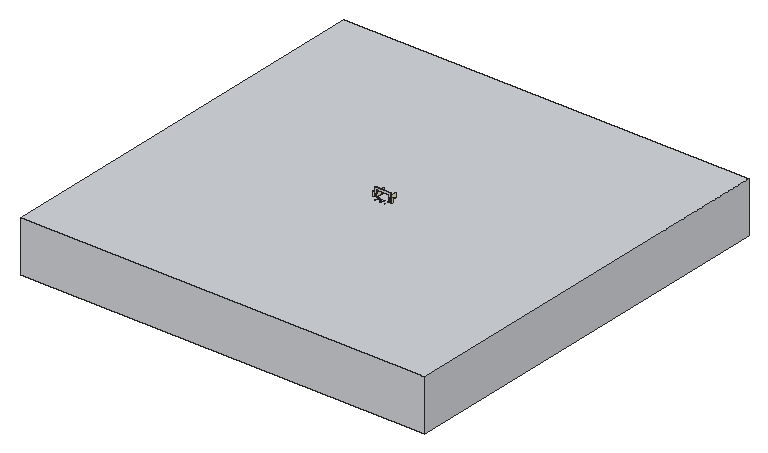
Revit family "Specialty_Equipment-Metal_Raceway-Hubbell_Wiring-Panel_Connector-HBL3086", category Specialty Equipment, host Face, Revit 2015
Parameters (values of type "HBL3086IV")
  URL = "http://www.hubbell-wiring.com/"
  Product data url = "https://bimobject.com/hubbellwiring/product/hubbell-metal-raceway-hbl3000"
  Product Page URL = "http://ecatalog.hubbell-wiring.com/ProductInformation/ViewCatalog.aspx?Dest=hubbell-wiring.com/press/catalog/r.pdf"
  Product Documentation Link = "http://www.hubbellcatalog.com/hubbellpremise/datasheets/MRaceway18-25.pdf"
  Model = "HBL3086IV"
  Manufacturer = "Hubbell Wiring Device Kellems"  # constant formula
  Description = "Panel Connector"  # constant formula
  Default Elevation = 48.000"
  Cable Tray Material = Metal-Hubbell-Ivory
  B = 1.190"
  A = 4.600"
Types (3): name | Model | Cable Tray Material
  (no name) | "HBL3086IV" | Metal-Hubbell-Ivory
  HBL3086IV | "HBL3086IV" | Metal-Hubbell-Ivory
  HBL3086GY | "HBL3086GY" | Metal-Hubbell-Gray
Reference planes (in)
  plane 1 "Center (Front/Back)": y = 0
  plane 2: z = 0.14037
  plane 3 "Center (Left/Right)": x = 0
  plane 4: x = -2.3
  plane 5: x = 2.3
  plane 6: z = 1.19
  plane 7: y = 1.5
  plane 8: y = -1.5
  plane 9: y = -0.46
  plane 10: x = -1.375
  plane 11: x = 1.375
  plane 12: y = -0.41
  plane 13: x = -1.65
  plane 14: x = 1.65
  plane 15: z = 0.64037
  plane 16: z = 0.09037
Forms (in)
  Extrusion 1, solid
    sketch origin (0, 0, 0) x (1, 0, 0) y (0, 1, 0)
      loop
        line (-48, 48) -> (-48, -48) -> (48, -48) -> (48, 48) -> (-48, 48)
    from 0.14037 to -12
  Extrusion 2, solid, material "Metal-Hubbell-Ivory" <- "Cable Tray Material"
    sketch origin (0, 0, 0) x (1, 0, 0) y (0, 0, 1)
      loop
        line (-1.37463, 1.19) -> (-1.425, 1.19) -> (-1.415, 0.25232) -> (-1.415, 0.10093)
        arc (-1.415, 0.10093) -> (-1.38544, 0.02956) -> (-1.31407, 0) r 0.10093
        line (-1.31407, 0) -> (-1.2573, 0) -> (-0.27955, 0) -> (-0.02723, 0) -> (1.31407, 0)
        arc (1.31407, 0) -> (1.38544, 0.02956) -> (1.415, 0.10093) r 0.10093
        line (1.415, 0.10093) -> (1.415, 0.25232) -> (1.425, 1.19) -> (1.37463, 1.19) -> (1.37463, 0.10093)
        arc (1.37463, 0.10093) -> (1.35689, 0.05811) -> (1.31407, 0.04037) r 0.06056
        line (1.31407, 0.04037) -> (1.2573, 0.04037) -> (1.15446, 0.04037) -> (0.90214, 0.04037) -> (-1.31407, 0.04037)
        arc (-1.31407, 0.04037) -> (-1.35689, 0.05811) -> (-1.37463, 0.10093) r 0.06056
        line (-1.37463, 0.10093) -> (-1.37463, 0.25234) -> (-1.37463, 1.19)
    from 0.46 to -1.5
  Extrusion 3, solid, material "Metal-Hubbell-Ivory" <- "Cable Tray Material"
    sketch origin (0, 0, 0) x (1, 0, 0) y (0, 0, 1)
      loop
        line (-2.3, 1.19) -> (-2.3, 0.10093) -> (-1.37463, 0.10093) -> (-1.37463, 1.19) -> (-2.3, 1.19)
      loop
        line (1.37463, 1.19) -> (1.37463, 0.10093) -> (2.26443, 0.10093) -> (2.26443, 1.19) -> (1.37463, 1.19)
    from 0.46 to 0.41
  Extrusion 4, solid, material "Metal-Hubbell-Ivory" <- "Cable Tray Material"
    sketch origin (0, 0, 0) x (1, 0, 0) y (0, 1, 0)
      loop
        line (-1.26407, -1.5) -> (-0.14391, -1.5) -> (-0.14391, -0.85834)
        arc (-0.14391, -0.85834) -> (0, -0.71443) -> (0.14391, -0.85834) r 0.14391
        line (0.14391, -0.85834) -> (0.14391, -1.5) -> (1.27747, -1.5) -> (1.27747, -0.46) -> (-1.26407, -0.46) -> (-1.26407, -1.5)
      loop
        circle (-0.61953, -0.85834) r 0.1
      loop
        circle (0.66953, -0.85834) r 0.1
    from 0.04037 to 0.09037
  Extrusion 5, solid, material "Metal-Hubbell-Ivory" <- "Cable Tray Material"
    sketch origin (0, 0, 0) x (0, 1, 0) y (0, 0, 1)
      loop
        line (-0.46, 0.00864) -> (-0.37827, 0.00864) -> (-0.46, 0.09037) -> (-0.46, 0.00864)
    from -1.26407 to 1.27747
Cuts and joins
  joined: Extrusion 2, Extrusion 3, Extrusion 4, Extrusion 5
Lines and regions (in)
  reference lines
    curve 1: line (-1.425, 0, 1.19) -> (-1.415, 0, 0.25232)
    curve 2: line (-1.415, 0, 0.25232) -> (-1.415, 0, 0.10093)
    curve 3: arc (-1.415, 0, 0.10093) -> (-1.38544, 0, 0.02956) -> (-1.31407, 0, 0) r 0.10093
    curve 4: line (-1.31407, 0, 0) -> (-1.15376, 0, 0)
    curve 5: line (-1.15376, 0, 0) -> (-0.90144, 0, 0)
    curve 6: line (-0.90144, 0, 0) -> (1.31407, 0, 0)
    curve 7: arc (1.31407, 0, 0) -> (1.38544, 0, 0.02956) -> (1.415, 0, 0.10093) r 0.10093
    curve 8: line (1.415, 0, 0.10093) -> (1.415, 0, 0.25232)
    curve 9: line (1.415, 0, 0.25232) -> (1.425, 0, 1.19)
    curve 10: line (-1.37463, 0, 1.19) -> (-1.37463, 0, 0.25234)
    curve 11: line (-1.37463, 0, 0.25234) -> (-1.37463, 0, 0.10093)
    curve 12: arc (-1.37463, 0, 0.10093) -> (-1.35689, 0, 0.05811) -> (-1.31407, 0, 0.04037) r 0.06056
    curve 13: line (-1.31407, 0, 0.04037) -> (1.31407, 0, 0.04037)
    curve 14: arc (1.31407, 0, 0.04037) -> (1.35689, 0, 0.05811) -> (1.37463, 0, 0.10093) r 0.06056
    curve 15: line (1.37463, 0, 0.10093) -> (1.37463, 0, 1.19)
    curve 16: line (-1.425, 0, 1.19) -> (-1.37463, 0, 1.19)
    curve 17: line (1.425, 0, 1.19) -> (1.37463, 0, 1.19)
    curve 18: line (-0.14391, -0.85834, 0) -> (-0.14391, -1.5, 0)
    curve 19: arc (0.14391, -0.85834, 0) -> (0, -0.71443, 0) -> (-0.14391, -0.85834, 0) r 0.14391
    curve 20: line (0.14391, -0.85834, 0) -> (0.14391, -1.5, 0)
    curve 21: line (-1.26407, -1.5, 0) -> (-1.26407, -0.46, 0)
    curve 22: line (-0.14391, -1.5, 0) -> (-1.26407, -1.5, 0)
    curve 23: line (0.14391, -1.5, 0) -> (1.27747, -1.5, 0)
    curve 24: line (1.27747, -0.41, 0) -> (1.27747, -1.5, 0)
    curve 25: arc (0.76953, -0.85834, 0) -> (0.66953, -0.95834, 0) -> (0.56953, -0.85834, 0) r 0.1
    curve 26: arc (0.56953, -0.85834, 0) -> (0.66953, -0.75834, 0) -> (0.76953, -0.85834, 0) r 0.1
    curve 27: arc (-0.51953, -0.85834, 0) -> (-0.61953, -0.95834, 0) -> (-0.71953, -0.85834, 0) r 0.1
    curve 28: arc (-0.71953, -0.85834, 0) -> (-0.61953, -0.75834, 0) -> (-0.51953, -0.85834, 0) r 0.1
  symbolic lines
    curve 29: line (-1.415, 1.5, 0) -> (-1.415, -0.41, 0)
    curve 30: line (1.425, 1.5, 0) -> (-1.415, 1.5, 0)
    curve 31: line (1.425, 1.5, 0) -> (1.425, -0.41, 0)
    curve 32: line (2.26443, -0.41, 0) -> (-2.3, -0.41, 0)
    curve 33: line (-2.3, -0.46, 0) -> (2.26443, -0.46, 0)
    curve 34: line (-1.26407, -0.41, 0) -> (-1.26407, -1.5, 0)
    curve 35: line (-1.26407, -1.5, 0) -> (-0.14391, -1.5, 0)
    curve 36: line (-0.14391, -1.5, 0) -> (-0.14391, -0.85834, 0)
    curve 37: arc (-0.14391, -0.85834, 0) -> (0, -0.71443, 0) -> (0.14391, -0.85834, 0) r 0.14391
    curve 38: line (0.14391, -0.85834, 0) -> (0.14391, -1.5, 0)
    curve 39: line (0.14391, -1.5, 0) -> (1.27747, -1.5, 0)
    curve 40: line (1.27747, -1.5, 0) -> (1.27747, -0.41, 0)
    curve 41: arc (0.76953, -0.85834, 0) -> (0.66953, -0.95834, 0) -> (0.56953, -0.85834, 0) r 0.1
    curve 42: arc (0.56953, -0.85834, 0) -> (0.66953, -0.75834, 0) -> (0.76953, -0.85834, 0) r 0.1
    curve 43: arc (-0.71953, -0.85834, 0) -> (-0.61953, -0.75834, 0) -> (-0.51953, -0.85834, 0) r 0.1
    curve 44: arc (-0.51953, -0.85834, 0) -> (-0.61953, -0.95834, 0) -> (-0.71953, -0.85834, 0) r 0.1
    curve 45: line (-2.3, 0, 1.19) -> (-2.3, 0, 0.10093)
    curve 46: line (-1.37463, 0, 1.19) -> (-2.3, 0, 1.19)
    curve 47: line (-1.37463, 0, 0.25234) -> (-1.37463, 0, 1.19)
    curve 48: line (-1.37463, 0, 0.10093) -> (-1.37463, 0, 0.25234)
    curve 49: arc (-1.31407, 0, 0.04037) -> (-1.35689, 0, 0.05811) -> (-1.37463, 0, 0.10093) r 0.06056
    curve 50: line (1.27747, 0, 0.04037) -> (-1.31407, 0, 0.04037)
    curve 51: line (-1.26407, 0, 0.09037) -> (-1.26407, 0, 0.04037)
    curve 52: line (1.27747, 0, 0.09037) -> (-1.26407, 0, 0.09037)
    curve 53: line (1.27747, 0, 0.04037) -> (1.27747, 0, 0.09037)
    curve 54: line (1.37463, 0, 1.19) -> (1.37463, 0, 0.10093)
    curve 55: arc (1.37463, 0, 0.10093) -> (1.35689, 0, 0.05811) -> (1.31407, 0, 0.04037) r 0.06056
    curve 56: arc (1.31407, 0, 0) -> (1.38544, 0, 0.02956) -> (1.415, 0, 0.10093) r 0.10093
    curve 57: line (-1.2573, 0, 0) -> (1.31407, 0, 0)
    curve 58: arc (-1.415, 0, 0.10093) -> (-1.38544, 0, 0.02956) -> (-1.31407, 0, 0) r 0.10093
    curve 59: line (-1.31407, 0, 0) -> (-1.2573, 0, 0)
    curve 60: line (-2.3, 0, 0.10093) -> (-1.415, 0, 0.10093)
    curve 61: line (2.26443, 0, 1.19) -> (1.37463, 0, 1.19)
    curve 62: line (2.26443, 0, 0.10093) -> (2.26443, 0, 1.19)
    curve 63: line (1.415, 0, 0.10093) -> (2.26443, 0, 0.10093)
    curve 64: arc (1.31407, 0, 0) -> (1.38544, 0, 0.02956) -> (1.415, 0, 0.10093) r 0.10093
    curve 65: line (1.31407, 0, 0.04037) -> (1.2573, 0, 0.04037)
    curve 66: line (0, 1.5, 1.19) -> (0, -0.46, 1.19)
    curve 67: line (0, -0.46, 1.19) -> (0, -0.46, 0)
    curve 68: line (0, -0.46, 0.09037) -> (0, -1.5, 0.09037)
    curve 69: line (0, -1.5, 0.09037) -> (0, -1.5, 0.04037)
    curve 70: line (0, -1.5, 0.04037) -> (0, -0.46, 0.04037)
    curve 71: line (0, -0.46, 0) -> (0, -0.41, 0)
    curve 72: line (0, -0.41, 0) -> (0, -0.41, 1.19)
    curve 73: line (0, 1.5, 0.25232) -> (0, -0.41, 0.25232)
    curve 74: line (0, 1.5, 0) -> (0, 1.5, 1.19)
    curve 75: line (0, 1.5, 0) -> (0, -0.41, 0)
Dimensions and locks (in)
  plane 8 to plane 9 = 1.040"
  equal spacing: plane 4, plane 3 "Center (Left/Right)", plane 5
  equal spacing: plane 10, plane 3 "Center (Left/Right)", plane 11
  locked: plane 12 to plane 9 at 0.05
  equal spacing: plane 13, plane 3 "Center (Left/Right)", plane 14
  locked: plane 15 to Extrusion 1 at 0.5
  locked: Extrusion 1 to plane 16 at 0.05
  "A": plane 4 to plane 5
  "B": plane 6 to curve 57
  aligned and locked: plane 2 to Extrusion 1
  aligned and locked: Extrusion 2 sketch curve to curve 10
  aligned and locked: Extrusion 2 sketch curve to curve 11
  aligned and locked: Extrusion 2 sketch curve to curve 12
  aligned and locked: Extrusion 2 sketch curve to curve 14
  aligned and locked: Extrusion 2 sketch curve to curve 17
  aligned and locked: Extrusion 2 sketch curve to curve 9
  aligned and locked: Extrusion 2 sketch curve to curve 8
  aligned and locked: Extrusion 2 sketch curve to curve 7
  aligned and locked: Extrusion 2 sketch curve to curve 6
  aligned and locked: Extrusion 2 sketch curve to curve 5
  aligned and locked: Extrusion 2 sketch curve to curve 4
  aligned and locked: Extrusion 2 sketch curve to curve 3
  aligned and locked: Extrusion 2 sketch curve to curve 1
  aligned and locked: Extrusion 2 sketch curve to curve 16
  aligned and locked: plane 7 to Extrusion 2
  aligned and locked: Extrusion 3 sketch curve to plane 4
  aligned and locked: Extrusion 3 sketch curve to curve 17
  aligned and locked: Extrusion 3 sketch curve to Extrusion 3 sketch curve
  aligned and locked: plane 9 to Extrusion 3
  aligned and locked: plane 12 to Extrusion 3
  aligned and locked: Extrusion 3 sketch curve to curve 15
  aligned and locked: Extrusion 3 sketch curve to curve 10
  aligned and locked: plane 13 to nested 1
  aligned and locked: plane 15 to nested 1
  aligned and locked: Extrusion 2 to plane 9
  aligned and locked: Extrusion 4 sketch curve to curve 21
  aligned and locked: Extrusion 4 sketch curve to curve 22
  aligned and locked: Extrusion 4 sketch curve to curve 19
  aligned and locked: Extrusion 4 sketch curve to curve 23
  aligned and locked: curve 24 to Extrusion 4 sketch curve
  aligned and locked: Extrusion 4 sketch curve to curve 27
  aligned and locked: Extrusion 4 sketch curve to curve 28
  aligned and locked: Extrusion 4 sketch curve to curve 25
  aligned and locked: Extrusion 4 sketch curve to curve 26
  aligned and locked: curve 13 to Extrusion 4
  aligned and locked: plane 16 to Extrusion 4
  aligned and locked: plane 9 to Extrusion 5 sketch curve
  aligned and locked: Extrusion 5 to curve 23
  aligned and locked: curve 21 to Extrusion 5
  aligned and locked: curve 29 to cut or joined group of Extrusion 2, Extrusion 3, Extrusion 4, Extrusion 5
  aligned and locked: curve 30 to cut or joined group of Extrusion 2, Extrusion 3, Extrusion 4, Extrusion 5
  aligned and locked: curve 31 to cut or joined group of Extrusion 2, Extrusion 3, Extrusion 4, Extrusion 5
  aligned and locked: curve 32 to cut or joined group of Extrusion 2, Extrusion 3, Extrusion 4, Extrusion 5
  aligned and locked: curve 33 to cut or joined group of Extrusion 2, Extrusion 3, Extrusion 4, Extrusion 5
  aligned and locked: curve 34 to cut or joined group of Extrusion 2, Extrusion 3, Extrusion 4, Extrusion 5
  aligned and locked: curve 35 to cut or joined group of Extrusion 2, Extrusion 3, Extrusion 4, Extrusion 5
  aligned and locked: curve 36 to cut or joined group of Extrusion 2, Extrusion 3, Extrusion 4, Extrusion 5
  aligned and locked: curve 37 to cut or joined group of Extrusion 2, Extrusion 3, Extrusion 4, Extrusion 5
  aligned and locked: curve 39 to cut or joined group of Extrusion 2, Extrusion 3, Extrusion 4, Extrusion 5
  aligned and locked: curve 40 to cut or joined group of Extrusion 2, Extrusion 3, Extrusion 4, Extrusion 5
  aligned and locked: curve 41 to cut or joined group of Extrusion 2, Extrusion 3, Extrusion 4, Extrusion 5
  aligned and locked: curve 42 to cut or joined group of Extrusion 2, Extrusion 3, Extrusion 4, Extrusion 5
  aligned and locked: curve 43 to cut or joined group of Extrusion 2, Extrusion 3, Extrusion 4, Extrusion 5
  aligned and locked: curve 44 to cut or joined group of Extrusion 2, Extrusion 3, Extrusion 4, Extrusion 5
  aligned and locked: curve 45 to cut or joined group of Extrusion 2, Extrusion 3, Extrusion 4, Extrusion 5
  aligned and locked: curve 46 to cut or joined group of Extrusion 2, Extrusion 3, Extrusion 4, Extrusion 5
  aligned and locked: curve 47 to cut or joined group of Extrusion 2, Extrusion 3, Extrusion 4, Extrusion 5
  aligned and locked: curve 49 to cut or joined group of Extrusion 2, Extrusion 3, Extrusion 4, Extrusion 5
  aligned and locked: curve 50 to cut or joined group of Extrusion 2, Extrusion 3, Extrusion 4, Extrusion 5
  aligned and locked: curve 51 to cut or joined group of Extrusion 2, Extrusion 3, Extrusion 4, Extrusion 5
  aligned and locked: curve 52 to cut or joined group of Extrusion 2, Extrusion 3, Extrusion 4, Extrusion 5
  aligned and locked: curve 53 to cut or joined group of Extrusion 2, Extrusion 3, Extrusion 4, Extrusion 5
  aligned and locked: curve 54 to cut or joined group of Extrusion 2, Extrusion 3, Extrusion 4, Extrusion 5
  aligned and locked: curve 55 to cut or joined group of Extrusion 2, Extrusion 3, Extrusion 4, Extrusion 5
  aligned and locked: curve 56 to cut or joined group of Extrusion 2, Extrusion 3, Extrusion 4, Extrusion 5
  aligned and locked: curve 58 to cut or joined group of Extrusion 2, Extrusion 3, Extrusion 4, Extrusion 5
  aligned and locked: curve 60 to cut or joined group of Extrusion 2, Extrusion 3, Extrusion 4, Extrusion 5
  aligned and locked: curve 61 to cut or joined group of Extrusion 2, Extrusion 3, Extrusion 4, Extrusion 5
  aligned and locked: curve 62 to cut or joined group of Extrusion 2, Extrusion 3, Extrusion 4, Extrusion 5
  aligned and locked: curve 63 to cut or joined group of Extrusion 2, Extrusion 3, Extrusion 4, Extrusion 5
  aligned and locked: curve 66 to cut or joined group of Extrusion 2, Extrusion 3, Extrusion 4, Extrusion 5
  aligned and locked: curve 67 to cut or joined group of Extrusion 2, Extrusion 3, Extrusion 4, Extrusion 5
  aligned and locked: curve 68 to cut or joined group of Extrusion 2, Extrusion 3, Extrusion 4, Extrusion 5
  aligned and locked: curve 69 to cut or joined group of Extrusion 2, Extrusion 3, Extrusion 4, Extrusion 5
  aligned and locked: curve 70 to cut or joined group of Extrusion 2, Extrusion 3, Extrusion 4, Extrusion 5
  aligned and locked: curve 72 to cut or joined group of Extrusion 2, Extrusion 3, Extrusion 4, Extrusion 5
  aligned and locked: curve 73 to cut or joined group of Extrusion 2, Extrusion 3, Extrusion 4, Extrusion 5
  aligned and locked: curve 74 to cut or joined group of Extrusion 2, Extrusion 3, Extrusion 4, Extrusion 5
  aligned and locked: curve 71 to level
Automatic sketch dimensions
  Extrusion 1 sketch curve to Extrusion 1 sketch curve = 96.000"  (x2)
  curve 3 to curve 12 = 0.000"  (x2)
  curve 7 to curve 14 = 0.000"  (x2)
  curve 16 to plane 6 = 0.000"
  curve 3 to level = 0.000"
  curve 15 to plane 6 = 0.000"
  curve 16 to plane 4 = 0.875"
  curve 1 to curve 16 = 0.05037"
  curve 12 to curve 13 = 0.06056"
  curve 4 to curve 6 = 0.25232"
  plane 5 to curve 9 = 0.875"
  curve 3 to curve 2 = 0.15139"
  curve 7 to curve 8 = 0.15139"
  curve 2 to curve 10 = 0.00002"
  Extrusion 2 sketch curve to Extrusion 2 sketch curve = 0.000"
  Extrusion 2 sketch curve to Extrusion 2 sketch curve = 0.05677"  (x2)
  Extrusion 2 sketch curve to Extrusion 2 sketch curve = 0.97774"
  Extrusion 2 sketch curve to Extrusion 2 sketch curve = 0.25232"  (x2)
  plane 3 "Center (Left/Right)" to Extrusion 2 sketch curve = 0.90214"
  Extrusion 2 sketch curve to Extrusion 2 sketch curve = 0.00002"
  curve 3 to curve 4 = 0.16031"
  plane 11 to curve 7 = 0.06093"
  curve 9 to plane 11 = 0.040"
  curve 15 to curve 9 = 0.05037"
  Extrusion 3 sketch curve to plane 6 = 0.000"
  plane 5 to Extrusion 3 sketch curve = 0.03557"
  level to Extrusion 3 sketch curve = 0.10093"
  curve 22 to plane 8 = 0.000"
  curve 21 to plane 9 = 0.000"
  curve 19 to plane 3 "Center (Left/Right)" = 0.000"
  curve 23 to plane 8 = 0.000"
  plane 9 to curve 24 = 0.050"
  curve 18 to plane 3 "Center (Left/Right)" = 0.14391"
  curve 28 to curve 19 = 0.37563"
  curve 27 to curve 27 = 0.100"
  curve 21 to plane 10 = 0.11093"
  curve 19 to curve 25 = 0.42563"
  curve 25 to curve 26 = 0.100"
  plane 11 to curve 24 = 0.09753"
  curve 20 to plane 9 = 0.39834"
  curve 28 to curve 19 = 0.000"
  curve 25 to plane 9 = 0.39834"
  Extrusion 5 sketch curve to plane 16 = 0.000"
  level to Extrusion 5 sketch curve = 0.00864"
  plane 12 to Extrusion 5 sketch curve = 0.03173"
  Extrusion 4 sketch curve to plane 9 = 0.000"
  curve 32 to plane 4 = 0.000"
  plane 5 to curve 32 = 0.03557"
  curve 33 to plane 4 = 0.000"
  plane 5 to curve 33 = 0.03557"
  curve 51 to curve 57 = 0.00677"
  plane 2 to curve 47 = 0.11197"
  curve 65 to curve 50 = 0.02017"
Nested families (in)
  nested 1: "HBL3086" at (0, -0.46, 0.14037) x (1, 0, 0) z (0, -1, 0), type "HBL3086"
Definition of nested family "HBL3086"
  Parameters
    Default Elevation = 48.000"
    Cable Tray Material = none
  Reference planes (in)
    plane 1 "Center (Front/Back)": y = 0
    plane 2: z = 0
    plane 3 "Center (Left/Right)": x = 0
    plane 4: z = 0.05
    plane 5: x = -1.88
    plane 6: x = -1.65
    plane 7: x = 1.24261
    plane 8: x = 1.88
    plane 9: y = 0.5
    plane 10: x = 1.65
    plane 11: y = 1.94
  Forms (in)
    Extrusion 1, solid
      sketch origin (0, 0, 0) x (1, 0, 0) y (0, 1, 0)
        loop
          line (-48, 48) -> (-48, -48) -> (48, -48) -> (48, 48) -> (-48, 48)
      from 0 to -12
    Extrusion 2, solid, material <- "Cable Tray Material"
      sketch origin (0, 0, 0) x (1, 0, 0) y (0, 1, 0)
        loop
          line (-1.88, 0) -> (-1.375, 0) -> (-1.375, 1.508) -> (1.375, 1.508) -> (1.375, 0) -> (1.88, 0) -> (1.88, 1.94) -> (-1.88, 1.94) -> (-1.88, 0)
        loop
          circle (-1.65, 0.5) r 0.15
        loop
          circle (1.65, 0.5) r 0.15
      from 0 to 0.05
    Sweep 3, solid, material <- "Cable Tray Material"
      path in 3D
        loop
          arc (0, 1.508, 0) -> (0, 1.57533, -0.14902) -> (0, 1.72706, -0.21) r 0.21926
          line (0, 1.72706, -0.21) -> (0, 1.80302, -0.21)
      profile origin (0, 1.76504, -0.21) x (0, 0, 1) y (1, 0, 0)
        loop
          line (0, -1.375) -> (0.05, -1.375) -> (0.05, 1.375) -> (0, 1.375) -> (0, -1.375)
  Lines and regions (in)
    reference lines
      curve 1: line (-1.88, 0, 0) -> (-1.88, 1.94, 0)
      curve 2: line (-1.88, 1.94, 0) -> (1.88, 1.94, 0)
      curve 3: line (1.88, 1.94, 0) -> (1.88, 0, 0)
      curve 4: line (1.88, 0, 0) -> (1.375, 0, 0)
      curve 5: line (1.375, 0, 0) -> (1.375, 1.508, 0)
      curve 6: line (1.375, 1.508, 0) -> (-1.375, 1.508, 0)
      curve 7: line (-1.375, 1.508, 0) -> (-1.375, 0, 0)
      curve 8: line (-1.375, 0, 0) -> (-1.88, 0, 0)
    sketch lines
      curve 9: line (0, 1.72706, -0.21) -> (0, 1.80302, -0.21)
      curve 10: arc (0, 1.72706, -0.21) -> (0, 1.57533, -0.14902) -> (0, 1.508, 0) r 0.21926
  Dimensions and locks (in)
    locked: plane 11 to plane 1 "Center (Front/Back)" at 1.94
    equal spacing: plane 5, plane 3 "Center (Left/Right)", plane 8
    equal spacing: plane 6, plane 3 "Center (Left/Right)", plane 10
    plane 9 to plane 1 "Center (Front/Back)" = 0.500"
    locked: plane 4 to Extrusion 1 at 0.05
    aligned and locked: plane 2 to Extrusion 1
    aligned and locked: level to Extrusion 1
    aligned and locked: Extrusion 2 sketch curve to curve 1
    aligned and locked: Extrusion 2 sketch curve to curve 2
    aligned and locked: Extrusion 2 sketch curve to curve 3
    aligned and locked: Extrusion 2 sketch curve to curve 4
    aligned and locked: Extrusion 2 sketch curve to curve 5
    aligned and locked: Extrusion 2 sketch curve to curve 6
    aligned and locked: Extrusion 2 sketch curve to curve 7
    aligned and locked: Extrusion 2 sketch curve to curve 8
    aligned and locked: plane 4 to Extrusion 2
  Automatic sketch dimensions
    Extrusion 1 sketch curve to Extrusion 1 sketch curve = 96.000"  (x2)
    plane 1 "Center (Front/Back)" to curve 1 = 0.000"
    curve 1 to plane 5 = 0.000"
    plane 1 "Center (Front/Back)" to curve 5 = 0.000"
    curve 4 to plane 8 = 0.000"
    curve 2 to plane 11 = 0.000"
    curve 8 to plane 6 = 0.275"
    curve 5 to plane 7 = 0.13239"
    curve 7 to plane 11 = 0.432"
    Extrusion 2 sketch curve to plane 6 = 0.000"
    Extrusion 2 sketch curve to plane 9 = 0.000"  (x2)
    Extrusion 2 sketch curve to plane 10 = 0.000"
    Sweep 3 sketch curve to profile plane = 0.000"
    Sweep 3 sketch curve to Sweep 3 sketch curve = 0.050"
    Sweep 3 sketch curve to profile plane = 1.375"
    profile plane to Sweep 3 sketch curve = 1.375"
    radius of Extrusion 2 sketch curve = 0.150"  (x2)
